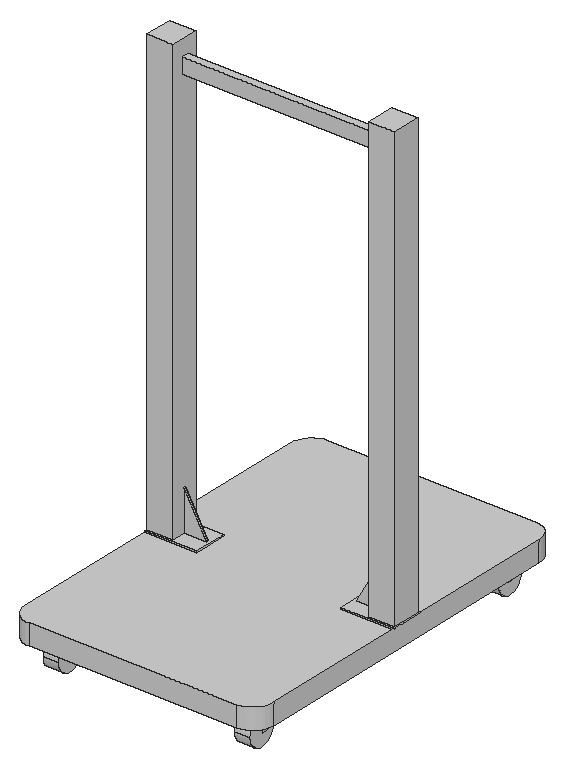
Revit family "RM", category Specialty Equipment, Revit 2012
Parameters (values of type "Rolling Double-Sided Gondola Merchandiser (Default)")
  Width = 2' - 0"
  URL = "http://madixinc.com/display/freestanding.html"
  Model = "Rolling Double-Sided Gondola Merchandiser"
  Manufacturer = "© 2012 Madix, Inc. All rights reserved."
Reference planes (in)
  plane 1 "Center (Front/Back)": y = 0
  plane 2: z = 0
  plane 3 "Center (Left/Right)": x = 0
  plane 4: y = 18
  plane 5: y = -18
  plane 6: x = -12
  plane 7: x = 12
  plane 8: z = 3
  plane 9: z = 5
  plane 10: z = 48
  plane 11: y = 0.5
  plane 12: y = -0.5
  plane 13: z = 5.125
  plane 14: y = 0.0625
  plane 15: y = -0.0625
  plane 16: y = 0.3125
  plane 17: y = -0.3125
  plane 18: x = 10
  plane 19: x = 8.5
  plane 20: x = 10.125
  plane 21: x = 8.375
  plane 22: x = -10
  plane 23: x = -8.5
  plane 24: x = -10.125
  plane 25: x = -8.375
Forms (in)
  Extrusion 1, solid, material "Metal - Steel"
    sketch origin (0, 0, 0) x (1, 0, 0) y (0, 1, 0)
      loop
        arc (-10, 18) -> (-11.41421, 17.41421) -> (-12, 16) r 2
        line (-12, 16) -> (-12, -16)
        arc (-12, -16) -> (-11.41421, -17.41421) -> (-10, -18) r 2
        line (-10, -18) -> (10, -18)
        arc (10, -18) -> (11.41421, -17.41421) -> (12, -16) r 2
        line (12, -16) -> (12, 16)
        arc (12, 16) -> (11.41421, 17.41421) -> (10, 18) r 2
        line (10, 18) -> (-10, 18)
    from 3 to 5
  Extrusion 2, solid, material "Metal - Steel"
    sketch origin (0, 0, 0) x (1, 0, 0) y (0, 1, 0)
      loop
        line (-12, 1.375) -> (-12, -1.375) -> (-9.5, -1.375) -> (-9.5, 1.375) -> (-12, 1.375)
      loop
        line (12, 1.375) -> (9.5, 1.375) -> (9.5, -1.375) -> (12, -1.375) -> (12, 1.375)
    from 5.125 to 48
  Extrusion 3, solid, material "Metal - Steel"
    sketch origin (0, 0, 0) x (1, 0, 0) y (0, 0, 1)
      loop
        line (9.5, 45) -> (9.5, 46.5) -> (-9.5, 46.5) -> (-9.5, 45) -> (9.5, 45)
    from -0.3125 to 0.3125
  Extrusion 4, solid, material "Metal - Steel"
    sketch origin (0, 0, 0) x (1, 0, 0) y (0, 1, 0)
      loop
        line (-12, 1.625) -> (-12, -1.625) -> (-7, -1.625) -> (-7, 1.625) -> (-12, 1.625)
      loop
        line (12, 1.625) -> (7, 1.625) -> (7, -1.625) -> (12, -1.625) -> (12, 1.625)
    from 5 to 5.125
  Extrusion 5, solid, material "Metal - Steel"
    sketch origin (0, 0, 0) x (1, 0, 0) y (0, 0, 1)
      loop
        line (-9.5, 5.125) -> (-7.28276, 5.125) -> (-9.5, 9.125) -> (-9.5, 5.125)
      loop
        line (9.5, 5.125) -> (9.5, 9.125) -> (7.28276, 5.125) -> (9.5, 5.125)
    from -0.0625 to 0.0625
  Extrusion 6, solid, material "Metal - Steel"
    sketch origin (0, 0, 0) x (0, 1, 0) y (0, 0, 1)
      loop
        circle (-15, 1.375) r 1.375
      loop
        circle (15, 1.375) r 1.375
    from 8.5 to 10
  Extrusion 7, solid, material "Metal - Steel"
    sketch origin (0, 0, 0) x (0, 1, 0) y (0, 0, -1)
      loop
        circle (-15, -1.375) r 1.375
      loop
        circle (15, -1.375) r 1.375
    from 8.5 to 10
  Extrusion 8, solid, material "Metal - Steel"
    sketch origin (0, 0, 0) x (0, 1, 0) y (0, 0, 1)
      loop
        arc (-15, 1.25) -> (-13.76256, 1.76256) -> (-13.25, 3) r 1.75
        line (-13.25, 3) -> (-15, 3) -> (-15, 1.25)
      loop
        line (15, 1.25) -> (15, 3) -> (13.25, 3)
        arc (13.25, 3) -> (13.76256, 1.76256) -> (15, 1.25) r 1.75
    from 10 to 10.125
  Extrusion 9, solid, material "Metal - Steel"
    sketch origin (20, 0, 0) x (0, 1, 0) y (0, 0, -1)
      loop
        line (-15, -1.25) -> (-15, -3) -> (-13.25, -3)
        arc (-13.25, -3) -> (-13.76256, -1.76256) -> (-15, -1.25) r 1.75
      loop
        arc (15, -1.25) -> (13.76256, -1.76256) -> (13.25, -3) r 1.75
        line (13.25, -3) -> (15, -3) -> (15, -1.25)
    from 11.5 to 11.625
  Extrusion 10, solid, material "Metal - Steel"
    sketch origin (-20, 0, 0) x (0, 1, 0) y (0, 0, 1)
      loop
        arc (-15, 1.25) -> (-13.76256, 1.76256) -> (-13.25, 3) r 1.75
        line (-13.25, 3) -> (-15, 3) -> (-15, 1.25)
      loop
        line (15, 1.25) -> (15, 3) -> (13.25, 3)
        arc (13.25, 3) -> (13.76256, 1.76256) -> (15, 1.25) r 1.75
    from 11.5 to 11.625
  Extrusion 11, solid, material "Metal - Steel"
    sketch origin (0, 0, 0) x (0, 1, 0) y (0, 0, -1)
      loop
        line (-15, -1.25) -> (-15, -3) -> (-13.25, -3)
        arc (-13.25, -3) -> (-13.76256, -1.76256) -> (-15, -1.25) r 1.75
      loop
        arc (15, -1.25) -> (13.76256, -1.76256) -> (13.25, -3) r 1.75
        line (13.25, -3) -> (15, -3) -> (15, -1.25)
    from 10 to 10.125
Dimensions and locks (in)
  equal spacing: plane 6, plane 3 "Center (Left/Right)", plane 7
  "Width": plane 6 to plane 7
  equal spacing: plane 4, plane 1 "Center (Front/Back)", plane 5
  plane 4 to plane 5 = 3' - 0"
  plane 6 to plane 24 to plane 22 to plane 23 to plane 25 = 0' - 1 7/8" locked, 0' - 0 1/8" locked, 0' - 1 1/2" locked, 0' - 0 1/8" locked
  plane 21 to plane 19 to plane 18 to plane 20 to plane 7 = 0' - 0 1/8" locked, 0' - 1 1/2" locked, 0' - 0 1/8" locked, 0' - 1 7/8" locked
  aligned and locked: level to plane 2
Automatic sketch dimensions
  Extrusion 1 sketch curve to plane 6 = 0' - 0"
  Extrusion 1 sketch curve to plane 4 = 0' - 0"
  Extrusion 1 sketch curve to plane 22 = 0' - 0"  (x2)
  Extrusion 1 sketch curve to plane 18 = 0' - 0"  (x2)
  plane 5 to Extrusion 1 sketch curve = 0' - 0"
  Extrusion 1 sketch curve to plane 7 = 0' - 0"
  Extrusion 2 sketch curve to plane 6 = 0' - 0"
  Extrusion 2 sketch curve to plane 7 = 0' - 0"
  Extrusion 2 sketch curve to plane 22 = 0' - 0 1/2"
  Extrusion 2 sketch curve to plane 18 = 0' - 0 1/2"
  plane 12 to Extrusion 2 sketch curve = 0' - 0 7/8"  (x2)
  plane 11 to Extrusion 2 sketch curve = 0' - 0 7/8"  (x2)
  Extrusion 3 sketch curve to plane 22 = 0' - 0 1/2"
  Extrusion 3 sketch curve to plane 18 = 0' - 0 1/2"
  Extrusion 3 sketch curve to plane 10 = 0' - 3"
  Extrusion 3 sketch curve to Extrusion 3 sketch curve = 0' - 1 1/2"
  Extrusion 4 sketch curve to plane 6 = 0' - 0"
  Extrusion 4 sketch curve to plane 7 = 0' - 0"
  Extrusion 4 sketch curve to plane 25 = 0' - 1 3/8"
  Extrusion 4 sketch curve to plane 21 = 0' - 1 3/8"
  plane 12 to Extrusion 4 sketch curve = 0' - 1 1/8"  (x2)
  plane 11 to Extrusion 4 sketch curve = 0' - 1 1/8"  (x2)
  Extrusion 5 sketch curve to plane 13 = 0' - 0"  (x2)
  Extrusion 5 sketch curve to plane 22 = 0' - 0 1/2"
  Extrusion 5 sketch curve to plane 25 = 0' - 1.09224"
  Extrusion 5 sketch curve to plane 21 = 0' - 1.09224"
  Extrusion 5 sketch curve to plane 18 = 0' - 0 1/2"
  plane 13 to Extrusion 5 sketch curve = 0' - 4"
  Extrusion 5 sketch curve to Extrusion 5 sketch curve = 0' - 4"
  level to Extrusion 6 sketch curve = 0' - 1 3/8"  (x2)
  Extrusion 6 sketch curve to plane 5 = 0' - 3"
  Extrusion 6 sketch curve to plane 4 = 0' - 3"
  level to Extrusion 7 sketch curve = 0' - 1 3/8"  (x2)
  Extrusion 7 sketch curve to plane 5 = 0' - 3"
  Extrusion 7 sketch curve to plane 4 = 0' - 3"
  Extrusion 8 sketch curve to plane 8 = 0' - 0"  (x2)
  level to Extrusion 8 sketch curve = 0' - 1 1/4"
  Extrusion 8 sketch curve to plane 5 = 0' - 3"
  Extrusion 8 sketch curve to plane 4 = 0' - 4 3/4"
  Extrusion 8 sketch curve to Extrusion 8 sketch curve = 0' - 1 3/4"
  Extrusion 9 sketch curve to plane 8 = 0' - 0"  (x2)
  level to Extrusion 9 sketch curve = 0' - 1 1/4"
  Extrusion 9 sketch curve to plane 5 = 0' - 3"
  Extrusion 9 sketch curve to plane 4 = 0' - 4 3/4"
  Extrusion 9 sketch curve to Extrusion 9 sketch curve = 0' - 1 3/4"
  Extrusion 10 sketch curve to plane 8 = 0' - 0"  (x2)
  level to Extrusion 10 sketch curve = 0' - 1 1/4"
  Extrusion 10 sketch curve to plane 5 = 0' - 3"
  Extrusion 10 sketch curve to plane 4 = 0' - 4 3/4"
  Extrusion 10 sketch curve to Extrusion 10 sketch curve = 0' - 1 3/4"
  Extrusion 11 sketch curve to plane 8 = 0' - 0"  (x2)
  level to Extrusion 11 sketch curve = 0' - 1 1/4"
  Extrusion 11 sketch curve to plane 5 = 0' - 3"
  Extrusion 11 sketch curve to plane 4 = 0' - 4 3/4"
  Extrusion 11 sketch curve to Extrusion 11 sketch curve = 0' - 1 3/4"
  radius of Extrusion 6 sketch curve = 0' - 1 3/8"  (x2)
  radius of Extrusion 7 sketch curve = 0' - 1 3/8"  (x2)
